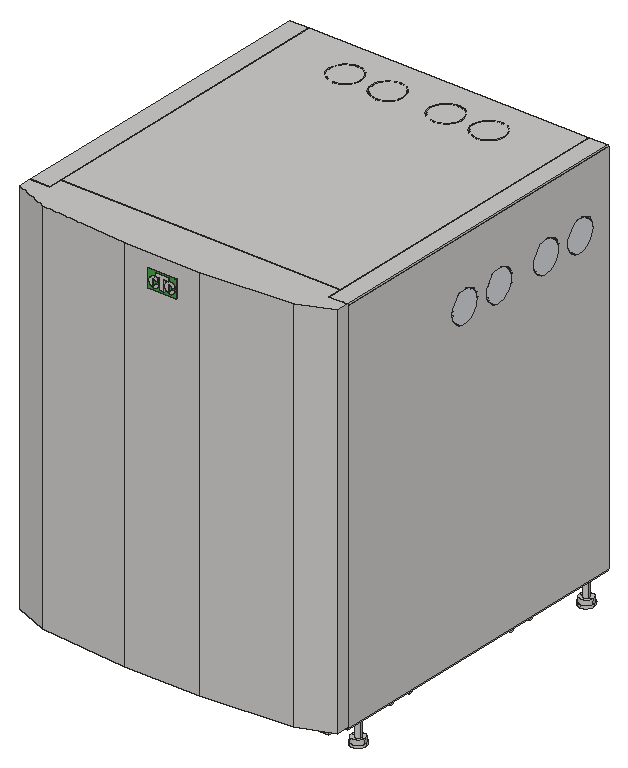
Revit family "HVAC_Heaters_Enertech_CTC-EcoPart-417", category Specialty Equipment, Revit 2017
Family settings
  Round Connector Dimension = Use Diameter
  Part Type = Normal
  OmniClass Number = 23.75.00.00
  OmniClass Title = Climate Control (HVAC)
  Work Plane-Based = No
  Always vertical = No
  Cut with Voids When Loaded = No
  Shared = No
  Room Calculation Point = No
Parameters (values of type "CTC EcoPart 414 - 230V1N")
  Weight = "167 kg"
  WaterVolumeWaterSuply = "N/A"
  WaterVolumeHeathingSystem = "N/A"
  WarrantyStartDate [instance] = "n/a"
  WarrantyGuarantorParts = "n/a"
  WarrantyGuarantorLabor = "n/a"
  WarrantyDurationUnit = "Year"
  WarrantyDurationParts = "n/a"
  WarrantyDurationLabor = "n/a"
  WarrantyDescription = "n/a"
  VersionDate = "10/11/2020"  # constant formula
  Version = "1"  # constant formula
  UsageCurrent = 0 A
  Uniclass2015Reference = "Pr_40_70_65"
  Uniclass2015Description = "Preparation catering equipment"
  Uniclass2 = "Pr_40_70_65"
  URL = "https://ctc-heating.com/products/ground-source-heating"
  UNSPSCCode = "40101806"
  Type Comments = ""
  Touchscreen = "no"
  TagNumber [instance] = "n/a"
  SustainabilityPerformance = "n/a"
  Status = "n/a"
  SpecifiedOutput = "14.47 kW"
  SoundPowerLWA = "53 dB"
  Sound pressureLPA 5m = "N/A"
  Sound pressureLPA 1m = "48 dB"
  Sound pressureLPA 10m = "N/A"
  Size = "673x596x775 mm"
  Shape = "Rectangular"
  SerialNumber [instance] = "7301 xxxx xxxx"
  SEERWarm = "N/A"
  SEERModerate = "N/A"
  SEERCold = "N/A"
  SCOPWarm = "4.4"
  SCOPModerate = "4.7"
  SCOPCold = "4.6"
  Revision = "4"  # constant formula
  ReplacementCost = "n/a"
  RefrigerantType = "R407C"
  RefrigerantQuantity = "2.7 kg"
  ReferenceAirFlowRate = "N/A"
  Reference = "n/a"
  RatedVoltage = 1200 V
  RatedHeatOutputModerate = "N/A"
  RatedCurrent = 33.2 A
  PumpMainMaterial = Stainless Steel
  ProductInformation = "CTC EcoPart 400 is a series of  compact on/off geothermal heat pumps, without control and hot water preparation, able to meet the heating requirements of houses or small industrial premises. Availaible in six models 6-17 kW"
  PowerFactor = 0 W
  PhaseReference = "n/a"
  PhaseAngle = 0.00°
  OutputRangeIimmersionHeater = "N/A"
  OutputRange = "N/A"
  NumberOfPoles = 3
  NominalWidth = 596 mm
  NominalVoltage = 400 V
  NominalHeight = 775 mm
  NominalFrequencyRange = 50 Hz
  NominalDepth = 673 mm
  NominalCurrent = 0 A
  Name = "CTC-EcoPart-400"  # constant formula
  NBSReference = "90-40-40/320"
  NBSDescription = "Air to water heat pumps"
  ModelReference = "n/a"
  ModelNumber = "585700015"
  MinimumCeilingHeight = "N/A"
  MaxStartingCurrent = "30 A"
  MaxOperatingPressureThermalStore = "3 bar"
  MaxOperatingPressureHotWater = "N/A"
  MaxAirFlowRate = "N/A"
  Material = "Steel/copper"
  ManufacturerURL = "https://ctc.se/"
  ManufacturerName = "Enertech AB"
  Model = "CTC EcoPart 414"
  ManufacturerCountry = "Sweden"
  Manufacturer = "Enertech AB"
  InsulationStandardClass = "n/a"
  InstallationDate [instance] = "n/a"
  InPutPower = "3.19 kW"
  IfcExportType = "HEATER"  # constant formula
  IfcExportAs = "IfcElectricalDeviceCommon"  # constant formula
  IP_Code = "IP X1"
  HotTapWaterPerformance = "N/A"
  HasProtectiveEarth = yes
  GroupFuse = "35 A"
  Grade = "n/a"
  Finish = "n/a"
  Features = "n/a"
  ExpectedLife = "n/a"
  EnergyClass_HotWater_TapProfile = "N/A"
  EnergyClassHeatingWithoutControl = "A++/A++"
  EnergyClassHeatingWithControl = "A+++/A++"
  EANNumber = "7333077000547"
  DurationUnit = "Year"
  Description = "CTC EcoPart 400 is a series of  compact on/off geothermal heat pumps, without control and hot water preparation, able to meet the heating requirements of houses or small industrial premises. Availaible in six models 6-17 kW"
  Cost = 0
  ConvergoRefNr = "0091-1710-0004-SE"
  Constituents = "n/a"
  ConductorFunction = "n/a"
  Color = "white"
  CodePerformance = "n/a"
  Capacity = "Fixed"
  COP = "4.54"
  CO2Equivalent = "4.789 tonnes"
  BrineSystem_Min_MaxPressure = "0.2 - 3.0 bar"
  Barcode [instance] = "n/a"
  AssetIdentifier [instance] = "n/a"
  Category = "Heat pumps, Geothermal"
  Brand = "CTC"
  BIMObjectName = "HVAC_Heaters_Enertech_CTC-EcoPart-400"  # constant formula
  Author = "Convergo AB"  # constant formula
  AssetType = "Fixed"
  AirFlow = "N/A"
  Accessories = ""
  AccessibilityPerformance = "n/a"
Reference planes
  plane 1 "Center (Front/Back)": y = 0
  plane 2: z = 0
  plane 3 "Center (Left/Right)": x = 0
  plane 4: z = 775
  plane 5: y = 336.5
  plane 6: y = -336.5
  plane 7: x = -298
  plane 8: x = 298
Forms (mm)
  Extrusion 1, solid, material "Stainless Steel" <- "PumpMainMaterial", detail levels medium+fine
    sketch origin (0, 0, 0) x (1, 0, 0) y (0, 1, 0)
      loop
        line (-296, -272.514) -> (-296, -297.436) -> (-233.78, -322.165) -> (-70, -335) -> (70, -335) -> (233.78, -322.165) -> (296, -297.436) -> (296, -272.514) -> (261, -272.514) -> (261, -246.514) -> (-261, -246.514) -> (-261, -272.514) -> (-296, -272.514)
    from 760 to 52.5
  Extrusion 2, solid, material "Stainless Steel" <- "PumpMainMaterial", detail levels medium+fine
    sketch origin (0, 0, 0) x (1, 0, 0) y (0, 1, 0)
      loop
        line (-261, -246.514) -> (261, -246.514) -> (261, 332.5) -> (-261, 332.5) -> (-261, -246.514)
      loop
        line (259, 330.5) -> (-259, 330.5) -> (-259, -244.514) -> (259, -244.514) -> (259, 330.5)
    from 757 to 52.5
  Extrusion 3, solid, material "Stainless Steel" <- "PumpMainMaterial", detail levels medium+fine
    sketch origin (0, 0, 0) x (1, 0, 0) y (0, 1, 0)
      loop
        line (-261, 332.5) -> (-261, -246.514) -> (261, -246.514) -> (261, 332.5) -> (-261, 332.5)
    from 760 to 757
  Extrusion 4, solid, material "Stainless Steel" <- "PumpMainMaterial", detail levels medium+fine
    sketch origin (0, 0, 0) x (1, 0, 0) y (0, 1, 0)
      loop
        line (-298, -272.514) -> (-263, -272.514) -> (-263, 332.5) -> (-298, 332.5) -> (-298, -272.514)
      loop
        line (-265, 330.5) -> (-296, 330.5) -> (-296, -270.514) -> (-265, -270.514) -> (-265, 330.5)
      loop
        line (298, -272.514) -> (298, 332.5) -> (263, 332.5) -> (263, -272.514) -> (298, -272.514)
      loop
        line (265, 330.5) -> (265, -270.514) -> (296, -270.514) -> (296, 330.5) -> (265, 330.5)
    from 52.5 to 757
  Extrusion 5, solid, material "Stainless Steel" <- "PumpMainMaterial", detail levels medium+fine
    sketch origin (0, 0, 0) x (1, 0, 0) y (0, 1, 0)
      loop
        line (-296, -272.514) -> (-261, -272.514) -> (-261, 332.5) -> (-296, 332.5) -> (-296, -272.514)
      loop
        line (296, -272.514) -> (296, 332.5) -> (261, 332.5) -> (261, -272.514) -> (296, -272.514)
    from 757 to 760
  Extrusion 6, solid, material "Stainless Steel" <- "PumpMainMaterial", detail levels medium+fine
    sketch origin (0, 0, 0) x (1, 0, 0) y (0, 0, 1)
      loop
        line (-296, 52.518) -> (-296, 47.518) -> (-261, 47.518) -> (-261, 28) -> (261, 28) -> (261, 47.518) -> (296, 47.518) -> (296, 52.518) -> (-296, 52.518)
    from -332.5 to 272.514
  Extrusion 7, void
    sketch origin (0, 0, 0) x (1, 0, 0) y (0, 1, 0)
      loop
        arc (-133.992, 287.517) -> (-154.547, 278.605) -> (-163.459, 258.05) r 30.484
        line (-163.459, 258.05) -> (-161.458, 258.05)
        arc (-161.458, 258.05) -> (-153.133, 277.191) -> (-133.992, 285.516) r 28.484
        line (-133.992, 285.516) -> (-133.992, 287.517)
      loop
        line (-131.992, 287.517) -> (-131.992, 285.516)
        arc (-131.992, 285.516) -> (-112.851, 277.191) -> (-104.526, 258.05) r 28.484
        line (-104.526, 258.05) -> (-102.525, 258.05)
        arc (-102.525, 258.05) -> (-111.437, 278.605) -> (-131.992, 287.517) r 30.484
      loop
        arc (-163.459, 256.05) -> (-154.547, 235.495) -> (-133.992, 226.583) r 30.484
        line (-133.992, 226.583) -> (-133.992, 228.584)
        arc (-133.992, 228.584) -> (-153.133, 236.909) -> (-161.458, 256.05) r 28.484
        line (-161.458, 256.05) -> (-163.459, 256.05)
      loop
        line (-131.992, 228.584) -> (-131.992, 226.583)
        arc (-131.992, 226.583) -> (-111.437, 235.495) -> (-102.525, 256.05) r 30.484
        line (-102.525, 256.05) -> (-104.526, 256.05)
        arc (-104.526, 256.05) -> (-112.851, 236.909) -> (-131.992, 228.584) r 28.484
      loop
        arc (-53.992, 287.517) -> (-74.547, 278.605) -> (-83.459, 258.05) r 30.484
        line (-83.459, 258.05) -> (-81.458, 258.05)
        arc (-81.458, 258.05) -> (-73.133, 277.191) -> (-53.992, 285.516) r 28.484
        line (-53.992, 285.516) -> (-53.992, 287.517)
      loop
        line (-51.992, 286.86) -> (-51.992, 284.955)
        arc (-51.992, 284.955) -> (-30.029, 272.937) -> (-26.526, 248.147) r 27.923
        line (-26.526, 248.147) -> (-24.525, 248.147)
        arc (-24.525, 248.147) -> (-28.666, 274.31) -> (-51.992, 286.86) r 29.827
      loop
        arc (-83.459, 256.05) -> (-74.547, 235.495) -> (-53.992, 226.583) r 30.484
        line (-53.992, 226.583) -> (-53.992, 228.584)
        arc (-53.992, 228.584) -> (-73.133, 236.909) -> (-81.458, 256.05) r 28.484
        line (-81.458, 256.05) -> (-83.459, 256.05)
      loop
        line (-51.992, 228.444) -> (-51.992, 226.583)
        arc (-51.992, 226.583) -> (-35.306, 232.221) -> (-24.525, 246.147) r 30.484
        line (-24.525, 246.147) -> (-26.526, 246.147)
        arc (-26.526, 246.147) -> (-36.653, 233.547) -> (-51.992, 228.444) r 28.624
      loop
        line (135.992, 287.517) -> (135.992, 285.516)
        arc (135.992, 285.516) -> (155.133, 277.191) -> (163.458, 258.05) r 28.484
        line (163.458, 258.05) -> (165.459, 258.05)
        arc (165.459, 258.05) -> (156.547, 278.605) -> (135.992, 287.517) r 30.484
      loop
        arc (133.992, 287.517) -> (113.437, 278.605) -> (104.525, 258.05) r 30.484
        line (104.525, 258.05) -> (106.526, 258.05)
        arc (106.526, 258.05) -> (114.851, 277.191) -> (133.992, 285.516) r 28.484
        line (133.992, 285.516) -> (133.992, 287.517)
      loop
        line (165.459, 256.05) -> (163.458, 256.05)
        arc (163.458, 256.05) -> (155.133, 236.909) -> (135.992, 228.584) r 28.484
        line (135.992, 228.584) -> (135.992, 226.583)
        arc (135.992, 226.583) -> (156.547, 235.495) -> (165.459, 256.05) r 30.484
      loop
        arc (133.992, 228.584) -> (114.851, 236.909) -> (106.526, 256.05) r 28.484
        line (106.526, 256.05) -> (104.525, 256.05)
        arc (104.525, 256.05) -> (113.437, 235.495) -> (133.992, 226.583) r 30.484
        line (133.992, 226.583) -> (133.992, 228.584)
      loop
        line (55.992, 287.517) -> (55.992, 285.516)
        arc (55.992, 285.516) -> (75.133, 277.191) -> (83.458, 258.05) r 28.484
        line (83.458, 258.05) -> (85.459, 258.05)
        arc (85.459, 258.05) -> (76.547, 278.605) -> (55.992, 287.517) r 30.484
      loop
        arc (53.992, 287.517) -> (33.437, 278.605) -> (24.525, 258.05) r 30.484
        line (24.525, 258.05) -> (26.526, 258.05)
        arc (26.526, 258.05) -> (34.851, 277.191) -> (53.992, 285.516) r 28.484
        line (53.992, 285.516) -> (53.992, 287.517)
      loop
        line (85.459, 256.05) -> (83.458, 256.05)
        arc (83.458, 256.05) -> (75.133, 236.909) -> (55.992, 228.584) r 28.484
        line (55.992, 228.584) -> (55.992, 226.583)
        arc (55.992, 226.583) -> (76.547, 235.495) -> (85.459, 256.05) r 30.484
      loop
        arc (53.992, 228.584) -> (34.851, 236.909) -> (26.526, 256.05) r 28.484
        line (26.526, 256.05) -> (24.525, 256.05)
        arc (24.525, 256.05) -> (33.437, 235.495) -> (53.992, 226.583) r 30.484
        line (53.992, 226.583) -> (53.992, 228.584)
    from 750 to 770
  Extrusion 8, void
    sketch origin (0, 0, 0) x (0, 1, 0) y (0, 0, 1)
      loop
        line (266.984, 668.467) -> (266.984, 666.466)
        arc (266.984, 666.466) -> (286.125, 658.141) -> (294.45, 639) r 28.484
        line (294.45, 639) -> (296.451, 639)
        arc (296.451, 639) -> (287.539, 659.555) -> (266.984, 668.467) r 30.484
      loop
        arc (264.984, 668.467) -> (244.428, 659.555) -> (235.516, 639) r 30.484
        line (235.516, 639) -> (237.518, 639)
        arc (237.518, 639) -> (245.843, 658.141) -> (264.984, 666.466) r 28.484
        line (264.984, 666.466) -> (264.984, 668.467)
      loop
        line (296.451, 637) -> (294.45, 637)
        arc (294.45, 637) -> (286.125, 617.859) -> (266.984, 609.534) r 28.484
        line (266.984, 609.534) -> (266.984, 607.533)
        arc (266.984, 607.533) -> (287.539, 616.445) -> (296.451, 637) r 30.484
      loop
        arc (264.984, 609.534) -> (245.843, 617.859) -> (237.518, 637) r 28.484
        line (237.518, 637) -> (235.516, 637)
        arc (235.516, 637) -> (244.428, 616.445) -> (264.984, 607.533) r 30.484
        line (264.984, 607.533) -> (264.984, 609.534)
      loop
        line (186.984, 668.467) -> (186.984, 666.466)
        arc (186.984, 666.466) -> (206.125, 658.141) -> (214.45, 639) r 28.484
        line (214.45, 639) -> (216.451, 639)
        arc (216.451, 639) -> (207.539, 659.555) -> (186.984, 668.467) r 30.484
      loop
        arc (184.984, 668.467) -> (164.428, 659.555) -> (155.516, 639) r 30.484
        line (155.516, 639) -> (157.518, 639)
        arc (157.518, 639) -> (165.843, 658.141) -> (184.984, 666.466) r 28.484
        line (184.984, 666.466) -> (184.984, 668.467)
      loop
        line (216.451, 637) -> (214.45, 637)
        arc (214.45, 637) -> (206.125, 617.859) -> (186.984, 609.534) r 28.484
        line (186.984, 609.534) -> (186.984, 607.533)
        arc (186.984, 607.533) -> (207.539, 616.445) -> (216.451, 637) r 30.484
      loop
        arc (184.984, 609.534) -> (165.843, 617.859) -> (157.518, 637) r 28.484
        line (157.518, 637) -> (155.516, 637)
        arc (155.516, 637) -> (164.428, 616.445) -> (184.984, 607.533) r 30.484
        line (184.984, 607.533) -> (184.984, 609.534)
      loop
        arc (-5, 668.467) -> (-25.555, 659.555) -> (-34.467, 639) r 30.484
        line (-34.467, 639) -> (-32.466, 639)
        arc (-32.466, 639) -> (-24.141, 658.141) -> (-5, 666.466) r 28.484
        line (-5, 666.466) -> (-5, 668.467)
      loop
        line (-3, 668.467) -> (-3, 666.466)
        arc (-3, 666.466) -> (16.141, 658.141) -> (24.466, 639) r 28.484
        line (24.466, 639) -> (26.467, 639)
        arc (26.467, 639) -> (17.555, 659.555) -> (-3, 668.467) r 30.484
      loop
        arc (-34.467, 637) -> (-25.555, 616.445) -> (-5, 607.533) r 30.484
        line (-5, 607.533) -> (-5, 609.534)
        arc (-5, 609.534) -> (-24.141, 617.859) -> (-32.466, 637) r 28.484
        line (-32.466, 637) -> (-34.467, 637)
      loop
        line (-3, 609.534) -> (-3, 607.533)
        arc (-3, 607.533) -> (17.555, 616.445) -> (26.467, 637) r 30.484
        line (26.467, 637) -> (24.466, 637)
        arc (24.466, 637) -> (16.141, 617.859) -> (-3, 609.534) r 28.484
      loop
        arc (75, 668.467) -> (54.445, 659.555) -> (45.533, 639) r 30.484
        line (45.533, 639) -> (47.534, 639)
        arc (47.534, 639) -> (55.859, 658.141) -> (75, 666.466) r 28.484
        line (75, 666.466) -> (75, 668.467)
      loop
        line (77, 668.467) -> (77, 666.466)
        arc (77, 666.466) -> (96.141, 658.141) -> (104.466, 639) r 28.484
        line (104.466, 639) -> (106.467, 639)
        arc (106.467, 639) -> (97.555, 659.555) -> (77, 668.467) r 30.484
      loop
        arc (45.533, 637) -> (54.445, 616.445) -> (75, 607.533) r 30.484
        line (75, 607.533) -> (75, 609.534)
        arc (75, 609.534) -> (55.859, 617.859) -> (47.534, 637) r 28.484
        line (47.534, 637) -> (45.533, 637)
      loop
        line (77, 609.534) -> (77, 607.533)
        arc (77, 607.533) -> (97.555, 616.445) -> (106.467, 637) r 30.484
        line (106.467, 637) -> (104.466, 637)
        arc (104.466, 637) -> (96.141, 617.859) -> (77, 609.534) r 28.484
    from 424.394 to -413.715
  Extrusion 9, void
    sketch origin (0, 0, 0) x (1, 0, 0) y (0, 0, 1)
      loop
        line (135.984, 668.167) -> (135.984, 666.166)
        arc (135.984, 666.166) -> (155.125, 657.841) -> (163.45, 638.7) r 28.484
        line (163.45, 638.7) -> (165.451, 638.7)
        arc (165.451, 638.7) -> (156.539, 659.255) -> (135.984, 668.167) r 30.484
      loop
        arc (133.984, 668.167) -> (113.428, 659.255) -> (104.516, 638.7) r 30.484
        line (104.516, 638.7) -> (106.518, 638.7)
        arc (106.518, 638.7) -> (114.843, 657.841) -> (133.984, 666.166) r 28.484
        line (133.984, 666.166) -> (133.984, 668.167)
      loop
        line (165.451, 636.7) -> (163.45, 636.7)
        arc (163.45, 636.7) -> (155.125, 617.559) -> (135.984, 609.234) r 28.484
        line (135.984, 609.234) -> (135.984, 607.233)
        arc (135.984, 607.233) -> (156.539, 616.145) -> (165.451, 636.7) r 30.484
      loop
        arc (133.984, 609.234) -> (114.843, 617.559) -> (106.518, 636.7) r 28.484
        line (106.518, 636.7) -> (104.516, 636.7)
        arc (104.516, 636.7) -> (113.428, 616.145) -> (133.984, 607.233) r 30.484
        line (133.984, 607.233) -> (133.984, 609.234)
      loop
        line (55.984, 668.167) -> (55.984, 666.166)
        arc (55.984, 666.166) -> (75.125, 657.841) -> (83.45, 638.7) r 28.484
        line (83.45, 638.7) -> (85.451, 638.7)
        arc (85.451, 638.7) -> (76.539, 659.255) -> (55.984, 668.167) r 30.484
      loop
        arc (53.984, 668.167) -> (33.428, 659.255) -> (24.516, 638.7) r 30.484
        line (24.516, 638.7) -> (26.518, 638.7)
        arc (26.518, 638.7) -> (34.843, 657.841) -> (53.984, 666.166) r 28.484
        line (53.984, 666.166) -> (53.984, 668.167)
      loop
        line (85.451, 636.7) -> (83.45, 636.7)
        arc (83.45, 636.7) -> (75.125, 617.559) -> (55.984, 609.234) r 28.484
        line (55.984, 609.234) -> (55.984, 607.233)
        arc (55.984, 607.233) -> (76.539, 616.145) -> (85.451, 636.7) r 30.484
      loop
        arc (53.984, 609.234) -> (34.843, 617.559) -> (26.518, 636.7) r 28.484
        line (26.518, 636.7) -> (24.516, 636.7)
        arc (24.516, 636.7) -> (33.428, 616.145) -> (53.984, 607.233) r 30.484
        line (53.984, 607.233) -> (53.984, 609.234)
      loop
        arc (-134, 668.167) -> (-154.555, 659.255) -> (-163.467, 638.7) r 30.484
        line (-163.467, 638.7) -> (-161.466, 638.7)
        arc (-161.466, 638.7) -> (-153.141, 657.841) -> (-134, 666.166) r 28.484
        line (-134, 666.166) -> (-134, 668.167)
      loop
        line (-132, 668.167) -> (-132, 666.166)
        arc (-132, 666.166) -> (-112.859, 657.841) -> (-104.534, 638.7) r 28.484
        line (-104.534, 638.7) -> (-102.533, 638.7)
        arc (-102.533, 638.7) -> (-111.445, 659.255) -> (-132, 668.167) r 30.484
      loop
        arc (-163.467, 636.7) -> (-154.555, 616.145) -> (-134, 607.233) r 30.484
        line (-134, 607.233) -> (-134, 609.234)
        arc (-134, 609.234) -> (-153.141, 617.559) -> (-161.466, 636.7) r 28.484
        line (-161.466, 636.7) -> (-163.467, 636.7)
      loop
        line (-132, 609.234) -> (-132, 607.233)
        arc (-132, 607.233) -> (-111.445, 616.145) -> (-102.533, 636.7) r 30.484
        line (-102.533, 636.7) -> (-104.534, 636.7)
        arc (-104.534, 636.7) -> (-112.859, 617.559) -> (-132, 609.234) r 28.484
      loop
        arc (-54, 668.167) -> (-74.555, 659.255) -> (-83.467, 638.7) r 30.484
        line (-83.467, 638.7) -> (-81.466, 638.7)
        arc (-81.466, 638.7) -> (-73.141, 657.841) -> (-54, 666.166) r 28.484
        line (-54, 666.166) -> (-54, 668.167)
      loop
        line (-52, 667.51) -> (-52, 665.605)
        arc (-52, 665.605) -> (-30.037, 653.587) -> (-26.534, 628.797) r 27.923
        line (-26.534, 628.797) -> (-24.533, 628.797)
        arc (-24.533, 628.797) -> (-28.674, 654.96) -> (-52, 667.51) r 29.827
      loop
        arc (-83.467, 636.7) -> (-74.555, 616.145) -> (-54, 607.233) r 30.484
        line (-54, 607.233) -> (-54, 609.234)
        arc (-54, 609.234) -> (-73.141, 617.559) -> (-81.466, 636.7) r 28.484
        line (-81.466, 636.7) -> (-83.467, 636.7)
      loop
        line (-52, 609.094) -> (-52, 607.233)
        arc (-52, 607.233) -> (-35.315, 612.871) -> (-24.533, 626.797) r 30.484
        line (-24.533, 626.797) -> (-26.534, 626.797)
        arc (-26.534, 626.797) -> (-36.661, 614.197) -> (-52, 609.094) r 28.624
    from -303.059 to -336
  Extrusion 10, solid, material "Stainless Steel" <- "PumpMainMaterial", detail levels medium+fine
    sketch origin (-2, -3.5, 0) x (1, 0, 0) y (0, 0, 1)
      loop
        circle (-278.5, 742) r 14
      loop
        circle (-278.5, 742) r 12.4
      loop
        circle (282.5, 742) r 14
      loop
        circle (282.5, 742) r 12.4
    from -336 to -340
  Extrusion 11, solid, material "Stainless Steel" <- "PumpMainMaterial", detail levels medium+fine
    sketch origin (0, 0, 0) x (0, 1, 0) y (0, 0, 1)
      loop
        line (-117.429, 26) -> (-99.086, 26)
        arc (-99.086, 26) -> (-98.32, 25.848) -> (-97.671, 25.414) r 2
        line (-97.671, 25.414) -> (-89.085, 16.828)
        arc (-89.085, 16.828) -> (-86.256, 15.656) -> (-83.428, 16.828) r 4
        line (-83.428, 16.828) -> (-75.261, 24.995) -> (-76.675, 26.409) -> (-84.842, 18.242)
        arc (-84.842, 18.242) -> (-86.256, 17.656) -> (-87.671, 18.242) r 2
        line (-87.671, 18.242) -> (-96.257, 26.828)
        arc (-96.257, 26.828) -> (-97.555, 27.696) -> (-99.086, 28) r 4
        line (-99.086, 28) -> (-117.429, 28)
        arc (-117.429, 28) -> (-118.96, 27.696) -> (-120.257, 26.828) r 4
        line (-120.257, 26.828) -> (-128.844, 18.242)
        arc (-128.844, 18.242) -> (-130.258, 17.656) -> (-131.672, 18.242) r 2
        line (-131.672, 18.242) -> (-139.839, 26.409) -> (-141.253, 24.995) -> (-133.086, 16.828)
        arc (-133.086, 16.828) -> (-130.258, 15.656) -> (-127.429, 16.828) r 4
        line (-127.429, 16.828) -> (-118.843, 25.414)
        arc (-118.843, 25.414) -> (-118.194, 25.848) -> (-117.429, 26) r 2
      loop
        arc (180.914, 26) -> (181.68, 25.848) -> (182.329, 25.414) r 2
        line (182.329, 25.414) -> (190.915, 16.828)
        arc (190.915, 16.828) -> (193.744, 15.656) -> (196.572, 16.828) r 4
        line (196.572, 16.828) -> (204.739, 24.995) -> (203.325, 26.409) -> (195.158, 18.242)
        arc (195.158, 18.242) -> (193.744, 17.656) -> (192.329, 18.242) r 2
        line (192.329, 18.242) -> (183.743, 26.828)
        arc (183.743, 26.828) -> (182.445, 27.696) -> (180.914, 28) r 4
        line (180.914, 28) -> (162.571, 28)
        arc (162.571, 28) -> (161.04, 27.696) -> (159.743, 26.828) r 4
        line (159.743, 26.828) -> (151.156, 18.242)
        arc (151.156, 18.242) -> (149.742, 17.656) -> (148.328, 18.242) r 2
        line (148.328, 18.242) -> (140.161, 26.409) -> (138.747, 24.995) -> (146.914, 16.828)
        arc (146.914, 16.828) -> (149.742, 15.656) -> (152.571, 16.828) r 4
        line (152.571, 16.828) -> (161.157, 25.414)
        arc (161.157, 25.414) -> (161.806, 25.848) -> (162.571, 26) r 2
        line (162.571, 26) -> (180.914, 26)
    from 263 to -263
  Revolve 12, solid, material "Stainless Steel" <- "PumpMainMaterial", detail levels medium+fine
    sketch origin (-2, 303.895, 0) x (1, 0, 0) y (0, 0, 1)
      loop
        line (-277.5, 12) -> (-277.5, 0) -> (-263.125, 0) -> (-263.125, 4) -> (-265.125, 4) -> (-265.125, 12) -> (-277.5, 12)
      axis (-277.5, 12) -> (-277.5, 0)
    angle from 0 to 360
  Revolve 13, solid, material "Stainless Steel" <- "PumpMainMaterial", detail levels medium+fine
    sketch origin (2, 303.895, 0) x (-1, 0, 0) y (0, 0, 1)
      loop
        line (-277.5, 12) -> (-277.5, 0) -> (-263.125, 0) -> (-263.125, 4) -> (-265.125, 4) -> (-265.125, 12) -> (-277.5, 12)
      axis (-277.5, 12) -> (-277.5, 0)
    angle from 0 to 360
  Revolve 14, solid, material "Stainless Steel" <- "PumpMainMaterial", detail levels medium+fine
    sketch origin (-2, -228.139, 0) x (1, 0, 0) y (0, 0, 1)
      loop
        line (-277.5, 12) -> (-277.5, 0) -> (-263.125, 0) -> (-263.125, 4) -> (-265.125, 4) -> (-265.125, 12) -> (-277.5, 12)
      axis (-277.5, 12) -> (-277.5, 0)
    angle from 0 to 360
  Revolve 15, solid, material "Stainless Steel" <- "PumpMainMaterial", detail levels medium+fine
    sketch origin (2, -228.139, 0) x (-1, 0, 0) y (0, 0, 1)
      loop
        line (-277.5, 12) -> (-277.5, 0) -> (-263.125, 0) -> (-263.125, 4) -> (-265.125, 4) -> (-265.125, 12) -> (-277.5, 12)
      axis (-277.5, 12) -> (-277.5, 0)
    angle from 0 to 360
  Extrusion 16, solid, material "Stainless Steel" <- "PumpMainMaterial", detail levels medium+fine
    sketch origin (0, 0, 0) x (1, 0, 0) y (0, 1, 0)
      loop
        circle (-279.5, 303.895) r 5
      loop
        circle (-279.5, -228.139) r 5
      loop
        circle (279.5, 303.895) r 5
      loop
        circle (279.5, -228.139) r 5
    from 47.518 to 12
  Extrusion 17, solid, material "Green", detail levels medium+fine
    sketch origin (0, 0, 33) x (1, 0, 0) y (0, 0, 1)
      loop
        arc (-25.5, 701.518) -> (-26.914, 700.932) -> (-27.5, 699.518) r 2
        line (-27.5, 699.518) -> (-27.5, 670.518)
        arc (-27.5, 670.518) -> (-26.914, 669.103) -> (-25.5, 668.518) r 2
        line (-25.5, 668.518) -> (25.5, 668.518)
        arc (25.5, 668.518) -> (26.914, 669.103) -> (27.5, 670.518) r 2
        line (27.5, 670.518) -> (27.5, 699.518)
        arc (27.5, 699.518) -> (26.914, 700.932) -> (25.5, 701.518) r 2
        line (25.5, 701.518) -> (-25.5, 701.518)
    from 335.5 to 335
  Extrusion 18, solid, material "Stainless Steel" <- "PumpMainMaterial", detail levels medium+fine
    sketch origin (0, 0, 0) x (1, 0, 0) y (0, 0, 1)
      loop
        line (3.815, 725.351) -> (11.698, 725.357) -> (11.698, 730.677) -> (-11.698, 730.677) -> (-11.698, 725.336) -> (-3.818, 725.344) -> (-3.81, 705.398) -> (3.815, 705.398) -> (3.815, 725.351)
      loop
        spline (24.54, 717.497) -> (22.341, 721.572) -> (18.495, 724.152) -> (13.888, 724.644) -> (9.584, 722.934) -> (6.572, 719.417) -> (5.548, 714.902) -> (6.747, 710.43) -> (9.893, 707.032) -> (14.261, 705.49) -> (18.844, 706.161) -> (22.587, 708.888) -> (24.627, 713.045)
        line (24.627, 713.045) -> (18.433, 713.045)
        spline (18.433, 713.045) -> (17.635, 710.915) -> (16.341, 709.569) -> (14.815, 709.279) -> (13.364, 710.105) -> (12.285, 711.88) -> (11.795, 714.242) -> (11.994, 716.714) -> (12.842, 718.793) -> (14.166, 720.058) -> (15.698, 720.253) -> (17.128, 719.337) -> (18.165, 717.497)
        line (18.165, 717.497) -> (24.54, 717.497)
      loop
        spline (-5.46, 717.497) -> (-7.659, 721.572) -> (-11.505, 724.152) -> (-16.112, 724.644) -> (-20.416, 722.934) -> (-23.428, 719.417) -> (-24.452, 714.902) -> (-23.253, 710.43) -> (-20.107, 707.032) -> (-15.739, 705.49) -> (-11.156, 706.161) -> (-7.413, 708.888) -> (-5.373, 713.045)
        line (-5.373, 713.045) -> (-11.567, 713.045)
        spline (-11.567, 713.045) -> (-12.365, 710.915) -> (-13.659, 709.569) -> (-15.185, 709.279) -> (-16.636, 710.105) -> (-17.715, 711.88) -> (-18.205, 714.242) -> (-18.006, 716.714) -> (-17.158, 718.793) -> (-15.834, 720.058) -> (-14.302, 720.253) -> (-12.872, 719.337) -> (-11.835, 717.497)
        line (-11.835, 717.497) -> (-5.46, 717.497)
    from 336 to 335.5
  Extrusion 19, solid, material "Stainless Steel" <- "PumpMainMaterial", detail levels coarse
    sketch origin (0, 0, 0) x (1, 0, 0) y (0, 1, 0)
      loop
        line (-298, -336) -> (298, -336) -> (298, 336.5) -> (-298, 336.5) -> (-298, -336)
    from 760 to 0
  Extrusion 20, solid, detail levels medium+fine
    sketch origin (0, 0, 257) x (1, 0, 0) y (0, 1, 0)
      loop
        circle (-134.992, 257.05) r 28.484
      loop
        circle (-54.992, 257.05) r 28.484
      loop
        circle (54.992, 257.05) r 28.484
      loop
        circle (134.992, 257.05) r 28.484
    from 499 to 500
  Extrusion 21, solid, detail levels medium+fine
    sketch origin (0, -2, 0) x (1, 0, 0) y (0, 0, 1)
      loop
        circle (134.984, 637.7) r 28.484
      loop
        circle (54.984, 637.7) r 28.484
      loop
        circle (-55, 637.7) r 28.484
      loop
        circle (-135, 637.7) r 28.484
    from -331.5 to -332.5
  Extrusion 22, solid, detail levels fine
    sketch origin (0, 0, 0) x (0, 1, 0) y (0, 0, 1)
      loop
        circle (265.984, 638) r 28.484
      loop
        circle (185.984, 638) r 28.484
      loop
        circle (76, 638) r 28.484
      loop
        circle (-4, 638) r 28.484
    from -297 to -298
  Extrusion 23, solid, detail levels fine
    sketch origin (0, 0, 0) x (0, 1, 0) y (0, 0, -1)
      loop
        circle (265.984, -638) r 28.484
      loop
        circle (185.984, -638) r 28.484
      loop
        circle (76, -638) r 28.484
      loop
        circle (-4, -638) r 28.484
    from -297 to -298
Cuts and joins
  Extrusion 8 cuts Extrusion 4
  Extrusion 8 cuts Extrusion 5
  joined: Extrusion 4, Extrusion 5
  Extrusion 7, Extrusion 8, Extrusion 9 cuts Extrusion 2
  Extrusion 7, Extrusion 8, Extrusion 9 cuts Extrusion 3
  joined: Extrusion 2, Extrusion 3
  Extrusion 9 cuts Extrusion 1
Lines and regions (mm)
  symbolic lines, detail levels medium+fine
    curve 1: line (-294.5, 332.5, 0) -> (-294.5, 336.5, 0)
    curve 2: line (-294.5, 336.5, 0) -> (-266.5, 336.5, 0)
    curve 3: line (-266.5, 336.5, 0) -> (-266.5, 332.5, 0)
    curve 4: line (294.5, 332.5, 0) -> (294.5, 336.5, 0)
    curve 5: line (294.5, 336.5, 0) -> (266.5, 336.5, 0)
    curve 6: line (266.5, 336.5, 0) -> (266.5, 332.5, 0)
    curve 7: line (298, 332.5, 0) -> (294.5, 332.5, 0)
    curve 8: line (266.5, 332.5, 0) -> (-266.5, 332.5, 0)
    curve 9: line (-294.5, 332.5, 0) -> (-298, 332.5, 0)
    curve 10: line (-298, 332.5, 0) -> (-298, -297.436, 0)
    curve 11: line (-298, -297.436, 0) -> (-236.264, -321.973, 0)
    curve 12: line (-236.264, -321.973, 0) -> (-57.083, -336, 0)
    curve 13: line (57.083, -336, 0) -> (236.264, -321.973, 0)
    curve 14: line (236.264, -321.973, 0) -> (298, -297.436, 0)
    curve 15: line (298, -297.436, 0) -> (298, 332.5, 0)
    curve 16: line (-57.083, -336, 0) -> (57.083, -336, 0)
    curve 88: line (298, 0, 775) -> (-298, 0, 775)
    curve 89: line (-298, 0, 775) -> (-298, 0, 47.518)
    curve 90: line (-298, 0, 47.518) -> (-282.5, 0, 47.518)
    curve 91: line (-282.5, 0, 47.518) -> (-282.5, 0, 12)
    curve 92: line (-282.5, 0, 12) -> (-289.875, 0, 12)
    curve 93: line (-289.875, 0, 12) -> (-289.875, 0, 4)
    curve 95: line (-291.875, 0, 4) -> (-291.875, 0, 0)
    curve 96: line (-291.875, 0, 0) -> (-263.125, 0, 0)
    curve 97: line (-263.125, 0, 0) -> (-263.125, 0, 4)
    curve 99: line (-265.125, 0, 4) -> (-265.125, 0, 12)
    curve 100: line (-265.125, 0, 12) -> (-272.5, 0, 12)
    curve 101: line (-272.5, 0, 12) -> (-272.5, 0, 47.518)
    curve 102: line (-272.5, 0, 47.518) -> (-261, 0, 47.518)
    curve 103: line (-261, 0, 47.518) -> (-261, 0, 28)
    curve 104: line (-261, 0, 28) -> (-253.5, 0, 28)
    curve 105: line (-253.5, 0, 28) -> (-253.5, 0, 15.656)
    curve 106: line (-253.5, 0, 15.656) -> (253.5, 0, 15.656)
    curve 107: line (253.5, 0, 15.656) -> (253.5, 0, 28)
    curve 108: line (253.5, 0, 28) -> (261, 0, 28)
    curve 109: line (261, 0, 28) -> (261, 0, 47.518)
    curve 110: line (261, 0, 47.518) -> (272.5, 0, 47.518)
    curve 111: line (272.5, 0, 47.518) -> (272.5, 0, 12)
    curve 112: line (272.5, 0, 12) -> (265.125, 0, 12)
    curve 113: line (265.125, 0, 12) -> (265.125, 0, 4)
    curve 114: line (265.125, 0, 4) -> (263.125, 0, 4)
    curve 115: line (263.125, 0, 4) -> (263.125, 0, 0)
    curve 116: line (263.125, 0, 0) -> (291.875, 0, 0)
    curve 117: line (291.875, 0, 0) -> (291.875, 0, 4)
    curve 118: line (291.875, 0, 4) -> (289.875, 0, 4)
    curve 119: line (289.875, 0, 4) -> (289.875, 0, 12)
    curve 120: line (289.875, 0, 12) -> (282.5, 0, 12)
    curve 121: line (282.5, 0, 12) -> (282.5, 0, 47.518)
    curve 122: line (282.5, 0, 47.518) -> (298, 0, 47.518)
    curve 123: line (298, 0, 47.518) -> (298, 0, 775)
    curve 162: line (0, 305.395, 12) -> (0, 305.395, 28)
    curve 163: line (0, 305.395, 28) -> (0, 332.5, 28)
    curve 164: line (0, 305.395, 12) -> (0, 312.77, 12)
    curve 165: line (0, 312.77, 12) -> (0, 312.77, 4)
    curve 166: line (0, 312.77, 4) -> (0, 314.77, 4)
    curve 167: line (0, 314.77, 4) -> (0, 314.77, 0)
    curve 168: line (0, 314.77, 0) -> (0, 286.02, 0)
    curve 169: line (0, 286.02, 0) -> (0, 286.02, 4)
    curve 170: line (0, 286.02, 4) -> (0, 288.02, 4)
    curve 171: line (0, 288.02, 4) -> (0, 288.02, 12)
    curve 172: line (0, 288.02, 12) -> (0, 295.395, 12)
    curve 173: line (0, 295.395, 12) -> (0, 295.395, 28)
    curve 174: line (0, -223.139, 12) -> (0, -223.139, 28)
    curve 175: line (0, -223.139, 28) -> (0, 295.395, 28)
    curve 176: line (0, -223.139, 12) -> (0, -215.764, 12)
    curve 177: line (0, -215.764, 12) -> (0, -215.764, 4)
    curve 178: line (0, -215.764, 4) -> (0, -213.764, 4)
    curve 179: line (0, -213.764, 4) -> (0, -213.764, 0)
    curve 180: line (0, -213.764, 0) -> (0, -242.514, 0)
    curve 181: line (0, -242.514, 0) -> (0, -242.514, 4)
    curve 182: line (0, -242.514, 4) -> (0, -240.514, 4)
    curve 183: line (0, -240.514, 4) -> (0, -240.514, 12)
    curve 184: line (0, -240.514, 12) -> (0, -233.139, 12)
    curve 185: line (0, -233.139, 12) -> (0, -233.139, 28)
    curve 186: line (0, -233.139, 28) -> (0, -272.514, 28)
    curve 187: line (0, -272.514, 28) -> (0, -272.514, 52.5)
    curve 188: line (0, -272.514, 52.5) -> (0, -336, 52.5)
    curve 189: line (0, -336, 52.5) -> (0, -336, 775)
    curve 191: line (0, 332.5, 775) -> (0, 332.5, 756)
    curve 192: line (0, 332.5, 756) -> (0, 336.5, 756)
    curve 193: line (0, 336.5, 756) -> (0, 336.5, 728)
    curve 194: line (0, 336.5, 728) -> (0, 332.5, 728)
    curve 195: line (0, 332.5, 728) -> (0, 332.5, 28)
  symbolic lines, detail levels fine
    curve 17: line (-298, -272.514, 0) -> (-263, -272.514, 0)
    curve 18: line (-263, -272.514, 0) -> (-263, 332.5, 0)
    curve 19: line (-266.5, 332.5, 0) -> (-294.5, 332.5, 0)
    curve 20: line (266.5, 332.5, 0) -> (294.5, 332.5, 0)
    curve 21: line (263, 332.5, 0) -> (263, -272.514, 0)
    curve 22: line (263, -272.514, 0) -> (298, -272.514, 0)
    curve 23: line (263, -246.514, 0) -> (-263, -246.514, 0)
    curve 24: arc (-133.992, 287.517, 0) -> (-154.547, 278.605, 0) -> (-163.459, 258.05, 0) r 30.484
    curve 25: arc (-161.458, 258.05, 0) -> (-153.133, 277.191, 0) -> (-133.992, 285.516, 0) r 28.484
    curve 26: arc (-131.992, 285.516, 0) -> (-112.851, 277.191, 0) -> (-104.526, 258.05, 0) r 28.484
    curve 27: arc (-102.525, 258.05, 0) -> (-111.437, 278.605, 0) -> (-131.992, 287.517, 0) r 30.484
    curve 28: arc (-131.992, 226.583, 0) -> (-111.437, 235.495, 0) -> (-102.525, 256.05, 0) r 30.484
    curve 29: arc (-104.526, 256.05, 0) -> (-112.851, 236.909, 0) -> (-131.992, 228.584, 0) r 28.484
    curve 30: arc (-163.459, 256.05, 0) -> (-154.547, 235.495, 0) -> (-133.992, 226.583, 0) r 30.484
    curve 31: arc (-133.992, 228.584, 0) -> (-153.133, 236.909, 0) -> (-161.458, 256.05, 0) r 28.484
    curve 32: line (-131.992, 228.584, 0) -> (-131.992, 226.583, 0)
    curve 33: line (-133.992, 226.583, 0) -> (-133.992, 228.584, 0)
    curve 34: line (-161.458, 256.05, 0) -> (-163.459, 256.05, 0)
    curve 35: line (-163.459, 258.05, 0) -> (-161.458, 258.05, 0)
    curve 36: line (-133.992, 285.516, 0) -> (-133.992, 287.517, 0)
    curve 37: line (-131.992, 287.517, 0) -> (-131.992, 285.516, 0)
    curve 38: line (-104.526, 258.05, 0) -> (-102.525, 258.05, 0)
    curve 39: line (-102.525, 256.05, 0) -> (-104.526, 256.05, 0)
    curve 40: arc (-53.992, 287.517, 0) -> (-74.547, 278.605, 0) -> (-83.459, 258.05, 0) r 30.484
    curve 41: arc (-81.458, 258.05, 0) -> (-73.133, 277.191, 0) -> (-53.992, 285.516, 0) r 28.484
    curve 42: arc (-51.992, 284.955, 0) -> (-30.029, 272.937, 0) -> (-26.526, 248.147, 0) r 27.923
    curve 43: arc (-24.525, 248.147, 0) -> (-28.666, 274.31, 0) -> (-51.992, 286.86, 0) r 29.827
    curve 44: arc (-51.992, 226.583, 0) -> (-35.306, 232.221, 0) -> (-24.525, 246.147, 0) r 30.484
    curve 45: arc (-26.526, 246.147, 0) -> (-36.653, 233.547, 0) -> (-51.992, 228.444, 0) r 28.624
    curve 46: arc (-83.459, 256.05, 0) -> (-74.547, 235.495, 0) -> (-53.992, 226.583, 0) r 30.484
    curve 47: arc (-53.992, 228.584, 0) -> (-73.133, 236.909, 0) -> (-81.458, 256.05, 0) r 28.484
    curve 48: line (-51.992, 228.444, 0) -> (-51.992, 226.583, 0)
    curve 49: line (-53.992, 226.583, 0) -> (-53.992, 228.584, 0)
    curve 50: line (-81.458, 256.05, 0) -> (-83.459, 256.05, 0)
    curve 51: line (-83.459, 258.05, 0) -> (-81.458, 258.05, 0)
    curve 52: line (-53.992, 285.516, 0) -> (-53.992, 287.517, 0)
    curve 53: line (-51.992, 286.86, 0) -> (-51.992, 284.955, 0)
    curve 54: line (-26.526, 248.147, 0) -> (-24.525, 248.147, 0)
    curve 55: line (-24.525, 246.147, 0) -> (-26.526, 246.147, 0)
    curve 56: arc (135.992, 287.517, 0) -> (156.547, 278.605, 0) -> (165.459, 258.05, 0) r 30.484
    curve 57: arc (163.458, 258.05, 0) -> (155.133, 277.191, 0) -> (135.992, 285.516, 0) r 28.484
    curve 58: arc (133.992, 285.516, 0) -> (114.851, 277.191, 0) -> (106.526, 258.05, 0) r 28.484
    curve 59: arc (104.525, 258.05, 0) -> (113.437, 278.605, 0) -> (133.992, 287.517, 0) r 30.484
    curve 60: arc (133.992, 226.583, 0) -> (113.437, 235.495, 0) -> (104.525, 256.05, 0) r 30.484
    curve 61: arc (106.526, 256.05, 0) -> (114.851, 236.909, 0) -> (133.992, 228.584, 0) r 28.484
    curve 62: arc (165.459, 256.05, 0) -> (156.547, 235.495, 0) -> (135.992, 226.583, 0) r 30.484
    curve 63: arc (135.992, 228.584, 0) -> (155.133, 236.909, 0) -> (163.458, 256.05, 0) r 28.484
    curve 64: line (133.992, 228.584, 0) -> (133.992, 226.583, 0)
    curve 65: line (135.992, 226.583, 0) -> (135.992, 228.584, 0)
    curve 66: line (163.458, 256.05, 0) -> (165.459, 256.05, 0)
    curve 67: line (165.459, 258.05, 0) -> (163.458, 258.05, 0)
    curve 68: line (135.992, 285.516, 0) -> (135.992, 287.517, 0)
    curve 69: line (133.992, 287.517, 0) -> (133.992, 285.516, 0)
    curve 70: line (106.526, 258.05, 0) -> (104.525, 258.05, 0)
    curve 71: line (104.525, 256.05, 0) -> (106.526, 256.05, 0)
    curve 72: arc (55.992, 287.517, 0) -> (76.547, 278.605, 0) -> (85.459, 258.05, 0) r 30.484
    curve 73: arc (83.458, 258.05, 0) -> (75.133, 277.191, 0) -> (55.992, 285.516, 0) r 28.484
    curve 74: arc (53.992, 285.516, 0) -> (34.851, 277.191, 0) -> (26.526, 258.05, 0) r 28.484
    curve 75: arc (24.525, 258.05, 0) -> (33.437, 278.605, 0) -> (53.992, 287.517, 0) r 30.484
    curve 76: arc (53.992, 226.583, 0) -> (33.437, 235.495, 0) -> (24.525, 256.05, 0) r 30.484
    curve 77: arc (26.526, 256.05, 0) -> (34.851, 236.909, 0) -> (53.992, 228.584, 0) r 28.484
    curve 78: arc (85.459, 256.05, 0) -> (76.547, 235.495, 0) -> (55.992, 226.583, 0) r 30.484
    curve 79: arc (55.992, 228.584, 0) -> (75.133, 236.909, 0) -> (83.458, 256.05, 0) r 28.484
    curve 80: line (53.992, 228.584, 0) -> (53.992, 226.583, 0)
    curve 81: line (55.992, 226.583, 0) -> (55.992, 228.584, 0)
    curve 82: line (83.458, 256.05, 0) -> (85.459, 256.05, 0)
    curve 83: line (85.459, 258.05, 0) -> (83.458, 258.05, 0)
    curve 84: line (55.992, 285.516, 0) -> (55.992, 287.517, 0)
    curve 85: line (53.992, 287.517, 0) -> (53.992, 285.516, 0)
    curve 86: line (26.526, 258.05, 0) -> (24.525, 258.05, 0)
    curve 87: line (24.525, 256.05, 0) -> (26.526, 256.05, 0)
    curve 94: line (-289.875, 0, 4) -> (-291.875, 0, 4)
    curve 98: line (-263.125, 0, 4) -> (-265.125, 0, 4)
    curve 124: line (233.78, 0, 775) -> (233.78, 0, 52.518)
    curve 125: line (70, 0, 775) -> (70, 0, 52.518)
    curve 126: line (-70, 0, 775) -> (-70, 0, 52.518)
    curve 127: line (-233.78, 0, 775) -> (-233.78, 0, 52.518)
    curve 128: line (-298, 0, 52.518) -> (298, 0, 52.518)
    curve 129: line (25.5, 0, 734.518) -> (-25.5, 0, 734.518)
    curve 130: arc (27.5, 0, 732.518) -> (26.914, 0, 733.932) -> (25.5, 0, 734.518) r 2
    curve 131: line (27.5, 0, 703.518) -> (27.5, 0, 732.518)
    curve 132: arc (25.5, 0, 701.518) -> (26.914, 0, 702.103) -> (27.5, 0, 703.518) r 2
    curve 133: line (-25.5, 0, 701.518) -> (25.5, 0, 701.518)
    curve 134: arc (-27.5, 0, 703.518) -> (-26.914, 0, 702.103) -> (-25.5, 0, 701.518) r 2
    curve 135: line (-27.5, 0, 732.518) -> (-27.5, 0, 703.518)
    curve 136: arc (-25.5, 0, 734.518) -> (-26.914, 0, 733.932) -> (-27.5, 0, 732.518) r 2
    curve 137: spline (-5.46, 0, 717.497) -> (-7.659, 0, 721.572) -> (-11.505, 0, 724.152) -> (-16.112, 0, 724.644) -> (-20.416, 0, 722.934) -> (-23.428, 0, 719.417) -> (-24.452, 0, 714.902) -> (-23.253, 0, 710.43) -> (-20.107, 0, 707.032) -> (-15.739, 0, 705.49) -> (-11.156, 0, 706.161) -> (-7.413, 0, 708.888) -> (-5.373, 0, 713.045)
    curve 138: spline (-11.567, 0, 713.045) -> (-12.365, 0, 710.915) -> (-13.659, 0, 709.569) -> (-15.185, 0, 709.279) -> (-16.636, 0, 710.105) -> (-17.715, 0, 711.88) -> (-18.205, 0, 714.242) -> (-18.006, 0, 716.714) -> (-17.158, 0, 718.793) -> (-15.834, 0, 720.058) -> (-14.302, 0, 720.253) -> (-12.872, 0, 719.337) -> (-11.835, 0, 717.497)
    curve 139: line (-11.835, 0, 717.497) -> (-5.46, 0, 717.497)
    curve 140: line (-5.373, 0, 713.045) -> (-11.567, 0, 713.045)
    curve 141: line (-11.698, 0, 725.336) -> (-3.818, 0, 725.344)
    curve 142: line (-11.698, 0, 730.677) -> (-11.698, 0, 725.336)
    curve 143: line (11.698, 0, 730.677) -> (-11.698, 0, 730.677)
    curve 144: line (11.698, 0, 725.357) -> (11.698, 0, 730.677)
    curve 145: line (3.815, 0, 725.351) -> (11.698, 0, 725.357)
    curve 146: line (3.815, 0, 705.398) -> (3.815, 0, 725.351)
    curve 147: line (-3.818, 0, 725.344) -> (-3.81, 0, 705.398)
    curve 148: line (-3.81, 0, 705.398) -> (3.815, 0, 705.398)
    curve 149: spline (24.54, 0, 717.497) -> (22.341, 0, 721.572) -> (18.495, 0, 724.152) -> (13.888, 0, 724.644) -> (9.584, 0, 722.934) -> (6.572, 0, 719.417) -> (5.548, 0, 714.902) -> (6.747, 0, 710.43) -> (9.893, 0, 707.032) -> (14.261, 0, 705.49) -> (18.844, 0, 706.161) -> (22.587, 0, 708.888) -> (24.627, 0, 713.045)
    curve 150: spline (18.433, 0, 713.045) -> (17.635, 0, 710.915) -> (16.341, 0, 709.569) -> (14.815, 0, 709.279) -> (13.364, 0, 710.105) -> (12.285, 0, 711.88) -> (11.795, 0, 714.242) -> (11.994, 0, 716.714) -> (12.842, 0, 718.793) -> (14.166, 0, 720.058) -> (15.698, 0, 720.253) -> (17.128, 0, 719.337) -> (18.165, 0, 717.497)
    curve 151: line (18.165, 0, 717.497) -> (24.54, 0, 717.497)
    curve 152: line (24.627, 0, 713.045) -> (18.433, 0, 713.045)
    curve 153: line (-282.5, 0, 47.518) -> (-272.5, 0, 47.518)
    curve 154: line (-282.5, 0, 12) -> (-272.5, 0, 12)
    curve 155: line (-289.875, 0, 4) -> (-265.125, 0, 4)
    curve 156: line (272.5, 0, 47.518) -> (282.5, 0, 47.518)
    curve 157: line (272.5, 0, 12) -> (282.5, 0, 12)
    curve 158: line (265.125, 0, 4) -> (289.875, 0, 4)
    curve 159: line (253.5, 0, 28) -> (-253.5, 0, 28)
    curve 160: line (-253.5, 0, 26.409) -> (253.5, 0, 26.409)
    curve 161: line (253.5, 0, 24.995) -> (-253.5, 0, 24.995)
    curve 196: line (0, 332.5, 756) -> (0, 332.5, 728)
    curve 197: line (0, 305.395, 12) -> (0, 295.395, 12)
    curve 198: line (0, 312.77, 4) -> (0, 288.02, 4)
    curve 199: line (0, 305.395, 28) -> (0, 305.395, 47.518)
    curve 200: line (0, 295.395, 28) -> (0, 295.395, 47.518)
    curve 201: line (0, 332.5, 47.518) -> (0, -272.514, 47.518)
    curve 202: line (0, -272.514, 52.5) -> (0, 332.5, 52.5)
    curve 203: line (0, -223.139, 28) -> (0, -223.139, 47.518)
    curve 204: line (0, -233.139, 28) -> (0, -233.139, 47.518)
    curve 205: line (0, -223.139, 12) -> (0, -233.139, 12)
    curve 206: line (0, -215.764, 4) -> (0, -240.514, 4)
    curve 207: line (0, -127.429, 16.828) -> (0, -118.843, 25.414)
    curve 208: arc (0, -133.086, 16.828) -> (0, -130.258, 15.656) -> (0, -127.429, 16.828) r 4
    curve 209: line (0, -141.253, 24.995) -> (0, -133.086, 16.828)
    curve 210: line (0, -139.839, 26.409) -> (0, -141.253, 24.995)
    curve 211: line (0, -131.672, 18.242) -> (0, -139.839, 26.409)
    curve 212: arc (0, -128.844, 18.242) -> (0, -130.258, 17.656) -> (0, -131.672, 18.242) r 2
    curve 213: line (0, -120.257, 26.828) -> (0, -128.844, 18.242)
    curve 214: arc (0, -117.429, 28) -> (0, -118.96, 27.696) -> (0, -120.257, 26.828) r 4
    curve 215: arc (0, -118.843, 25.414) -> (0, -118.194, 25.848) -> (0, -117.429, 26) r 2
    curve 216: line (0, -117.429, 26) -> (0, -99.086, 26)
    curve 217: arc (0, -96.257, 26.828) -> (0, -97.555, 27.696) -> (0, -99.086, 28) r 4
    curve 218: arc (0, -99.086, 26) -> (0, -98.32, 25.848) -> (0, -97.671, 25.414) r 2
    curve 219: line (0, -97.671, 25.414) -> (0, -89.085, 16.828)
    curve 220: line (0, -87.671, 18.242) -> (0, -96.257, 26.828)
    curve 221: arc (0, -84.842, 18.242) -> (0, -86.256, 17.656) -> (0, -87.671, 18.242) r 2
    curve 222: arc (0, -89.085, 16.828) -> (0, -86.256, 15.656) -> (0, -83.428, 16.828) r 4
    curve 223: line (0, -83.428, 16.828) -> (0, -75.261, 24.995)
    curve 224: line (0, -76.675, 26.409) -> (0, -84.842, 18.242)
    curve 225: line (0, -75.261, 24.995) -> (0, -76.675, 26.409)
    curve 226: line (0, 152.571, 16.828) -> (0, 161.157, 25.414)
    curve 227: arc (0, 146.914, 16.828) -> (0, 149.742, 15.656) -> (0, 152.571, 16.828) r 4
    curve 228: line (0, 138.747, 24.995) -> (0, 146.914, 16.828)
    curve 229: line (0, 140.161, 26.409) -> (0, 138.747, 24.995)
    curve 230: line (0, 148.328, 18.242) -> (0, 140.161, 26.409)
    curve 231: arc (0, 151.156, 18.242) -> (0, 149.742, 17.656) -> (0, 148.328, 18.242) r 2
    curve 232: line (0, 159.743, 26.828) -> (0, 151.156, 18.242)
    curve 233: arc (0, 162.571, 28) -> (0, 161.04, 27.696) -> (0, 159.743, 26.828) r 4
    curve 234: arc (0, 161.157, 25.414) -> (0, 161.806, 25.848) -> (0, 162.571, 26) r 2
    curve 235: line (0, 162.571, 26) -> (0, 180.914, 26)
    curve 236: arc (0, 183.743, 26.828) -> (0, 182.445, 27.696) -> (0, 180.914, 28) r 4
    curve 237: arc (0, 180.914, 26) -> (0, 181.68, 25.848) -> (0, 182.329, 25.414) r 2
    curve 238: line (0, 182.329, 25.414) -> (0, 190.915, 16.828)
    curve 239: line (0, 192.329, 18.242) -> (0, 183.743, 26.828)
    curve 240: arc (0, 195.158, 18.242) -> (0, 193.744, 17.656) -> (0, 192.329, 18.242) r 2
    curve 241: arc (0, 190.915, 16.828) -> (0, 193.744, 15.656) -> (0, 196.572, 16.828) r 4
    curve 242: line (0, 196.572, 16.828) -> (0, 204.739, 24.995)
    curve 243: line (0, 203.325, 26.409) -> (0, 195.158, 18.242)
    curve 244: line (0, 204.739, 24.995) -> (0, 203.325, 26.409)
    curve 245: line (0, -272.514, 52.5) -> (0, -272.514, 775)
    curve 246: line (0, -297.436, 775) -> (0, -297.436, 52.5)
    curve 247: line (0, -322.165, 52.5) -> (0, -322.165, 775)
    curve 248: arc (0, 296.451, 639) -> (0, 287.539, 659.555) -> (0, 266.984, 668.467) r 30.484
    curve 249: arc (0, 266.984, 666.466) -> (0, 286.125, 658.141) -> (0, 294.45, 639) r 28.484
    curve 250: arc (0, 237.518, 639) -> (0, 245.843, 658.141) -> (0, 264.984, 666.466) r 28.484
    curve 251: arc (0, 264.984, 668.467) -> (0, 244.428, 659.555) -> (0, 235.516, 639) r 30.484
    curve 252: arc (0, 264.984, 609.534) -> (0, 245.843, 617.859) -> (0, 237.518, 637) r 28.484
    curve 253: arc (0, 235.516, 637) -> (0, 244.428, 616.445) -> (0, 264.984, 607.533) r 30.484
    curve 254: arc (0, 266.984, 607.533) -> (0, 287.539, 616.445) -> (0, 296.451, 637) r 30.484
    curve 255: arc (0, 294.45, 637) -> (0, 286.125, 617.859) -> (0, 266.984, 609.534) r 28.484
    curve 256: line (0, 266.984, 609.534) -> (0, 266.984, 607.533)
    curve 257: line (0, 264.984, 607.533) -> (0, 264.984, 609.534)
    curve 258: line (0, 296.451, 637) -> (0, 294.45, 637)
    curve 259: line (0, 294.45, 639) -> (0, 296.451, 639)
    curve 260: line (0, 235.516, 639) -> (0, 237.518, 639)
    curve 261: line (0, 237.518, 637) -> (0, 235.516, 637)
    curve 262: line (0, 266.984, 668.467) -> (0, 266.984, 666.466)
    curve 263: line (0, 264.984, 666.466) -> (0, 264.984, 668.467)
    curve 264: arc (0, 216.451, 639) -> (0, 207.539, 659.555) -> (0, 186.984, 668.467) r 30.484
    curve 265: arc (0, 186.984, 666.466) -> (0, 206.125, 658.141) -> (0, 214.45, 639) r 28.484
    curve 266: arc (0, 157.518, 639) -> (0, 165.843, 658.141) -> (0, 184.984, 666.466) r 28.484
    curve 267: arc (0, 184.984, 668.467) -> (0, 164.428, 659.555) -> (0, 155.516, 639) r 30.484
    curve 268: arc (0, 184.984, 609.534) -> (0, 165.843, 617.859) -> (0, 157.518, 637) r 28.484
    curve 269: arc (0, 155.516, 637) -> (0, 164.428, 616.445) -> (0, 184.984, 607.533) r 30.484
    curve 270: arc (0, 186.984, 607.533) -> (0, 207.539, 616.445) -> (0, 216.451, 637) r 30.484
    curve 271: arc (0, 214.45, 637) -> (0, 206.125, 617.859) -> (0, 186.984, 609.534) r 28.484
    curve 272: line (0, 186.984, 609.534) -> (0, 186.984, 607.533)
    curve 273: line (0, 184.984, 607.533) -> (0, 184.984, 609.534)
    curve 274: line (0, 216.451, 637) -> (0, 214.45, 637)
    curve 275: line (0, 214.45, 639) -> (0, 216.451, 639)
    curve 276: line (0, 155.516, 639) -> (0, 157.518, 639)
    curve 277: line (0, 157.518, 637) -> (0, 155.516, 637)
    curve 278: line (0, 186.984, 668.467) -> (0, 186.984, 666.466)
    curve 279: line (0, 184.984, 666.466) -> (0, 184.984, 668.467)
    curve 280: arc (0, 106.467, 639) -> (0, 97.555, 659.555) -> (0, 77, 668.467) r 30.484
    curve 281: arc (0, 77, 666.466) -> (0, 96.141, 658.141) -> (0, 104.466, 639) r 28.484
    curve 282: arc (0, 47.534, 639) -> (0, 55.859, 658.141) -> (0, 75, 666.466) r 28.484
    curve 283: arc (0, 75, 668.467) -> (0, 54.445, 659.555) -> (0, 45.533, 639) r 30.484
    curve 284: arc (0, 75, 609.534) -> (0, 55.859, 617.859) -> (0, 47.534, 637) r 28.484
    curve 285: arc (0, 45.533, 637) -> (0, 54.445, 616.445) -> (0, 75, 607.533) r 30.484
    curve 286: arc (0, 77, 607.533) -> (0, 97.555, 616.445) -> (0, 106.467, 637) r 30.484
    curve 287: arc (0, 104.466, 637) -> (0, 96.141, 617.859) -> (0, 77, 609.534) r 28.484
    curve 288: line (0, 77, 609.534) -> (0, 77, 607.533)
    curve 289: line (0, 75, 607.533) -> (0, 75, 609.534)
    curve 290: line (0, 106.467, 637) -> (0, 104.466, 637)
    curve 291: line (0, 104.466, 639) -> (0, 106.467, 639)
    curve 292: line (0, 45.533, 639) -> (0, 47.534, 639)
    curve 293: line (0, 47.534, 637) -> (0, 45.533, 637)
    curve 294: line (0, 77, 668.467) -> (0, 77, 666.466)
    curve 295: line (0, 75, 666.466) -> (0, 75, 668.467)
    curve 296: arc (0, 26.467, 639) -> (0, 17.555, 659.555) -> (0, -3, 668.467) r 30.484
    curve 297: arc (0, -3, 666.466) -> (0, 16.141, 658.141) -> (0, 24.466, 639) r 28.484
    curve 298: arc (0, -32.466, 639) -> (0, -24.141, 658.141) -> (0, -5, 666.466) r 28.484
    curve 299: arc (0, -5, 668.467) -> (0, -25.555, 659.555) -> (0, -34.467, 639) r 30.484
    curve 300: arc (0, -5, 609.534) -> (0, -24.141, 617.859) -> (0, -32.466, 637) r 28.484
    curve 301: arc (0, -34.467, 637) -> (0, -25.555, 616.445) -> (0, -5, 607.533) r 30.484
    curve 302: arc (0, -3, 607.533) -> (0, 17.555, 616.445) -> (0, 26.467, 637) r 30.484
    curve 303: arc (0, 24.466, 637) -> (0, 16.141, 617.859) -> (0, -3, 609.534) r 28.484
    curve 304: line (0, -3, 609.534) -> (0, -3, 607.533)
    curve 305: line (0, -5, 607.533) -> (0, -5, 609.534)
    curve 306: line (0, 26.467, 637) -> (0, 24.466, 637)
    curve 307: line (0, 24.466, 639) -> (0, 26.467, 639)
    curve 308: line (0, -34.467, 639) -> (0, -32.466, 639)
    curve 309: line (0, -32.466, 637) -> (0, -34.467, 637)
    curve 310: line (0, -3, 668.467) -> (0, -3, 666.466)
    curve 311: line (0, -5, 666.466) -> (0, -5, 668.467)
  symbolic lines
    curve 190: line (0, -336, 775) -> (0, 332.5, 775)
  symbolic lines, detail levels coarse
    curve 312: line (298, 332.5, 0) -> (298, -336, 0)
    curve 313: line (298, -336, 0) -> (-298, -336, 0)
    curve 314: line (-298, -336, 0) -> (-298, 332.5, 0)
    curve 315: line (0, 332.5, 0) -> (0, -336, 0)
    curve 316: line (0, -336, 0) -> (0, -336, 775)
Dimensions and locks
  "NominalHeight": plane 4 to level
  equal spacing: plane 5, plane 1 "Center (Front/Back)", plane 6
  "NominalDepth": plane 5 to plane 6
  equal spacing: plane 7, plane 3 "Center (Left/Right)", plane 8
  "NominalWidth": plane 7 to plane 8
  aligned and locked: level to plane 2
Automatic sketch dimensions
  curve 24 to curve 25 = 0 mm  (x2)
  curve 24 to curve 26 = 0 mm  (x2)
  curve 24 to curve 27 = 0 mm  (x2)
  curve 24 to curve 28 = 0 mm  (x2)
  curve 24 to curve 29 = 0 mm  (x2)
  curve 24 to curve 30 = 0 mm  (x2)
  curve 24 to curve 31 = 0 mm  (x2)
  curve 25 to curve 26 = 0 mm  (x2)
  curve 25 to curve 27 = 0 mm  (x2)
  curve 25 to curve 28 = 0 mm  (x2)
  curve 25 to curve 29 = 0 mm  (x2)
  curve 25 to curve 30 = 0 mm  (x2)
  curve 25 to curve 31 = 0 mm  (x2)
  curve 26 to curve 27 = 0 mm  (x2)
  curve 26 to curve 28 = 0 mm  (x2)
  curve 26 to curve 29 = 0 mm  (x2)
  curve 26 to curve 30 = 0 mm  (x2)
  curve 26 to curve 31 = 0 mm  (x2)
  curve 27 to curve 28 = 0 mm  (x2)
  curve 27 to curve 29 = 0 mm  (x2)
  curve 27 to curve 30 = 0 mm  (x2)
  curve 27 to curve 31 = 0 mm  (x2)
  curve 28 to curve 29 = 0 mm  (x2)
  curve 28 to curve 30 = 0 mm  (x2)
  curve 28 to curve 31 = 0 mm  (x2)
  curve 29 to curve 30 = 0 mm  (x2)
  curve 29 to curve 31 = 0 mm  (x2)
  curve 30 to curve 31 = 0 mm  (x2)
  curve 40 to curve 41 = 0 mm  (x2)
  curve 40 to curve 42 = 0 mm  (x2)
  curve 40 to curve 43 = 0 mm  (x2)
  curve 40 to curve 44 = 0 mm  (x2)
  curve 40 to curve 45 = 0 mm  (x2)
  curve 40 to curve 46 = 0 mm  (x2)
  curve 40 to curve 47 = 0 mm  (x2)
  curve 41 to curve 42 = 0 mm  (x2)
  curve 41 to curve 43 = 0 mm  (x2)
  curve 41 to curve 44 = 0 mm  (x2)
  curve 41 to curve 45 = 0 mm  (x2)
  curve 41 to curve 46 = 0 mm  (x2)
  curve 41 to curve 47 = 0 mm  (x2)
  curve 42 to curve 43 = 0 mm  (x2)
  curve 42 to curve 44 = 0 mm  (x2)
  curve 42 to curve 45 = 0 mm  (x2)
  curve 42 to curve 46 = 0 mm  (x2)
  curve 42 to curve 47 = 0 mm  (x2)
  curve 43 to curve 44 = 0 mm  (x2)
  curve 43 to curve 45 = 0 mm  (x2)
  curve 43 to curve 46 = 0 mm  (x2)
  curve 43 to curve 47 = 0 mm  (x2)
  curve 44 to curve 45 = 0 mm  (x2)
  curve 44 to curve 46 = 0 mm  (x2)
  curve 44 to curve 47 = 0 mm  (x2)
  curve 45 to curve 46 = 0 mm  (x2)
  curve 45 to curve 47 = 0 mm  (x2)
  curve 46 to curve 47 = 0 mm  (x2)
  curve 56 to curve 57 = 0 mm  (x2)
  curve 56 to curve 58 = 0 mm  (x2)
  curve 56 to curve 59 = 0 mm  (x2)
  curve 56 to curve 60 = 0 mm  (x2)
  curve 56 to curve 61 = 0 mm  (x2)
  curve 56 to curve 62 = 0 mm  (x2)
  curve 56 to curve 63 = 0 mm  (x2)
